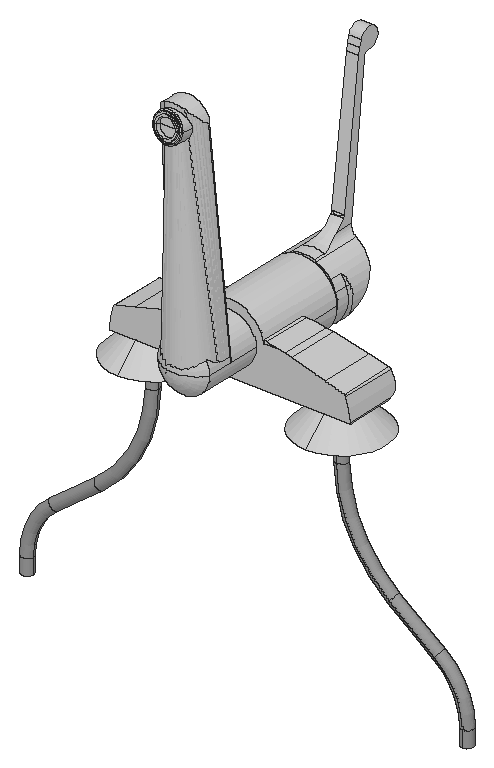
Revit family "Plumbing_Fixture-Grohe-Euroeco_Sequential-32793000-13-METRIC", category Plumbing Fixtures, host Face, Revit 2013
Parameters (values of type "Euroeco Special Single")
  _distributed by = "www.bimstore.co.uk"
  _current revision = 1
  _created date = "January 2014"
  _created by = "Connor Laing"
  _BIMspec_GUID = 0
  Waste Connection = no
  WarrantyStartDate = ""
  WarrantyGuarantorParts = ""
  WarrantyGuarantorLabor = ""
  WarrantyDurationUnit = "Years"  # constant formula
  WarrantyDurationParts = ""
  WarrantyDurationLabor = ""
  WarrantyDuration = ""
  WarrantyDescription = ""
  Warranty Infomation = "N/A"
  WFU = 0
  Vent Connection = no
  Uniclass2 = "Pr_40_30_96"  # constant formula
  URL = "www.grohe.com"
  TypeName = Model  # "Euroeco Special Single"
  Type Comments = "Wash basin mixer wall mounted."
  Test Pressure = "16 bar"
  Temp - Hot Water Supply (Recommended) = "60°C"
  Temp - Hot Water Supply = "max 80°C"
  TagNumber = 0
  SpareParts = "http://www.grohe.co.uk/en_gb/euroeco-single-sequential-single-lever-basin-mixer-1-2-32793000.html"
  Spare Parts List = "http://www.grohe.com/30898/search/search-result/product-details/?product=32793-G284&color=000&material=32793000"
  Size = ""
  Shape = ""
  SerialNumber = 0
  ReplacementCost = ""
  ReferencedStandard = ""
  ProductionYear = ""
  Product Page URL = "http://www.grohe.com/30898/search/search-result/product-details/?product=32793-G284&color=000&material=32793000"
  Percentage of Recycled Content = 0
  Operating Pressure = "max 10 bar"
  Name = Model  # "Euroeco Special Single"
  ModelNumber = ""
  Model = "Euroeco Special Single"
  Mixing Leaver = yes
  Material = Grohe-Chrome
  Masterformat Title [instance] = "Residential Faucets, Supplies, and Trim"
  Masterformat Number [instance] = "22 41 39"
  Manufacturer = "Grohe AG"
  Low Emitting Material = yes
  LEED Credit = ""
  Keynote = "N13"
  InstallationDate = ""
  Industry Standards = "N/A"
  Hot Water Radius = Hot Water Connection Diameter / 2  # 5 mm
  Hot Water Connection Diameter = 10 mm
  HWFU = 4.5
  HW Connection = yes
  Grade = ""
  Flow Rate = "8 L/min"
  Flow Pressure = "min 0.5 bar/recommended 1 - 5 bar"
  Finish = ""
  Extidentifier = ""
  ExpectedLife = 0
  Ecojoy = no
  DurationUnit = "Years"  # constant formula
  DocumentationTechnical = "http://cdn08.grohe.com/lib/1/tpi/1597286.pdf"
  DocumentationMaintenance = "http://cdn08.grohe.com/lib/1/tpi/1597286.pdf"
  DocumentationLiterature = "http://www.grohe.com/30898/search/search-result/product-details/?product=32793-G284&color=000&material=32793000"
  DocumentationInstallationGuide = "http://cdn08.grohe.com/lib/1/tpi/1597286.pdf"
  DocumentationCertificates = "http://www.grohe.com/30898/search/search-result/product-details/?product=32793-G284&color=000&material=32793000"
  Description = "Washing your hands with your hands free – this is the idea behind the wall-mounted Euroeco mixers. Wall-mounted installation keeps the basin free, and in order to reduce the risk of accidents caused by projecting parts, faucet levers and spouts are available in a choice of lengths."
  Default Elevation = 600 mm
  CreatedOn = "March 2015"  # constant formula
  CreatedBy = "info-uk@grohe.com"  # constant formula
  Cost = 0
  Contact Grohe = "GROHE Limited, World Business Centre 2, Newall Road, London Heathrow Airport, Hounslow, Middlesex, TW6 2SF - Tel: +44 (0) 871 200 3414 - Fax: +44 (0) 871 200 3415 - EMail: info-uk@grohe.com"
  Constituents = ""
  Color = ""
  Cold Water Radius = Cold Water Connection Diameter / 2  # 5 mm
  Cold Water Connection Diameter = 10 mm
  ClassificationValue = "L725111"  # constant formula
  ClassificationName = "Uniclass 1.4"  # constant formula
  CWFU = 4.5
  CW Connection = yes
  Barcode = 0
  AssetType = "Fixed"  # constant formula
  AssetIdentifier = ""
  Assembly Code = "C1030220"
  AccessibilityPerformance = ""
  ADA Compliant = yes
Reference planes
  plane 1 "Center (Front/Back)": y = 0
  plane 2: z = 0
  plane 3 "Center (Left/Right)": x = 0
  plane 4: z = 0
  plane 5: z = -190.227
  plane 6 "BTM": y = -60
  plane 7: x = 75
  plane 8: x = -75
Forms (mm)
  Sweep 1, solid, material "Grohe-Pipework"
    path in 3D
      loop
        line (-174.829, 0, -190.227) -> (-174.829, 0, -177.649)
        arc (-174.829, 0, -177.649) -> (-169.051, 0, -153.108) -> (-152.929, 0, -133.724) r 55
        line (-152.929, 0, -133.724) -> (-116.809, 0, -106.506)
        arc (-116.809, 0, -106.506) -> (-86.032, 0, -69.5) -> (-75, 0, -22.649) r 105
        line (-75, 0, -22.649) -> (-75, 0, 0)
    profile origin (-86.032, 0, -69.5) x (-0.894934, 0, 0.446198) y (0, -1, 0)
      loop
        circle (0, 0) r 4.75
  Sweep 2, solid, material "Grohe-Pipework"
    path in 3D
      loop
        line (75, 0, 0) -> (75, 0, -22.649)
        arc (75, 0, -22.649) -> (86.032, 0, -69.5) -> (116.809, 0, -106.506) r 105
        line (116.809, 0, -106.506) -> (152.929, 0, -133.724)
        arc (152.929, 0, -133.724) -> (169.051, 0, -153.108) -> (174.829, 0, -177.649) r 55
        line (174.829, 0, -177.649) -> (174.829, 0, -190.227)
    profile origin (75, 0, -11.324) x (0, -1, 0) y (1, 0, 0)
      loop
        circle (0, 0) r 4.75
  Extrusion 3, solid, material "Grohe-Chrome"
    sketch origin (0, 0, 0) x (1, 0, 0) y (0, 0, 1)
      loop
        circle (0, 46.001) r 27.481
    from -53.941 to 17.118
  Revolve 4, solid, material "Grohe-Chrome" <- "Material"
    sketch origin (0, 0, 0) x (0, 1, 0) y (0, 0, 1)
      loop
        line (-17.118, 25.251) -> (-17.118, 46.001) -> (-74.514, 46.001)
        arc (-74.514, 46.001) -> (-71.108, 34.224) -> (-62.755, 25.251) r 26.429
        line (-62.755, 25.251) -> (-17.118, 25.251)
      axis (-17.118, 46.001) -> (-74.514, 46.001)
    angle from -90 to 270
  Revolve 5, solid, material "Grohe-Chrome"
    sketch origin (0, 0, 0) x (0, 1, 0) y (0, 0, 1)
      loop
        line (-70.916, 209.997) -> (-69.478, 221.709) -> (-77.613, 222.708) -> (-78.521, 215.314) -> (-81.739, 215.71) -> (-81.929, 214.159) -> (-81.123, 214.06) -> (-81.315, 212.497) -> (-81.087, 211.75)
        arc (-81.087, 211.75) -> (-80.768, 211.342) -> (-80.288, 211.148) r 1
        line (-80.288, 211.148) -> (-70.916, 209.997)
      axis (-69.478, 221.709) -> (-80.831, 223.104)
    angle from -90 to 270
  SweptBlend 6, solid, material "Grohe-Chrome" <- "Material"
    path in 3D
      loop
        line (0, -67.8, 238.021) -> (0, -54.277, 44.64)
    profile origin (0, -67.8, 238.021) x (0, 0.997564, 0.069756) y (1, 0, 0)
      loop
        arc (7.338, -16.405) -> (9.568, 0.007) -> (7.334, 16.418) r 61.45
        arc (7.334, 16.418) -> (7.039, 16.843) -> (6.548, 17.006) r 0.82
        arc (6.548, 17.006) -> (-0.797, 14.41) -> (-4.88, 7.775) r 11.69
        arc (-4.88, 7.775) -> (-5.707, 0) -> (-4.88, -7.775) r 36.96
        arc (-4.88, -7.775) -> (-0.797, -14.41) -> (6.548, -17.006) r 11.69
        arc (6.548, -17.006) -> (7.044, -16.839) -> (7.338, -16.405) r 0.82
    end profile origin (0, -54.277, 44.64) x (0, 0.997564, 0.069756) y (1, 0, 0)
      loop
        arc (12.374, -20.217) -> (12.855, -20.056) -> (13.142, -19.639) r 0.8
        arc (13.142, -19.639) -> (15.951, -0.014) -> (13.302, 19.633) r 72.023
        arc (13.302, 19.633) -> (13.016, 20.055) -> (12.533, 20.217) r 0.798
        line (12.533, 20.217) -> (0.445, 20.217)
        arc (0.445, 20.217) -> (-19.772, 0) -> (0.445, -20.217) r 20.217
        line (0.445, -20.217) -> (12.374, -20.217)
  Extrusion 7, void
    sketch origin (0, 0, 0) x (1, 0, 0) y (0, 0, 1)
      loop
        arc (-17.537, 219.859) -> (0, 237.396) -> (17.537, 219.859) r 17.537
        line (17.537, 219.859) -> (28.493, 219.859) -> (28.493, 249.859) -> (-26.507, 249.859) -> (-26.507, 219.859) -> (-17.537, 219.859)
    from 41.235 to 86.616
  Extrusion 8, solid, material "Grohe-Chrome"
    sketch origin (0, 0, 0) x (0, 1, 0) y (0, 0, 1)
      loop
        arc (-11.211, 56.624) -> (-15.297, 54.986) -> (-17.12, 50.98) r 5.915
        line (-17.12, 50.98) -> (-17.12, 18.001) -> (20.412, 18.001)
        arc (20.412, 18.001) -> (22.665, 19.482) -> (25.311, 20.001) r 7
        arc (25.311, 20.001) -> (27.243, 22.02) -> (28.016, 24.705) r 5.836
        arc (28.016, 24.705) -> (26.994, 38.231) -> (23.927, 51.445) r 88.929
        arc (23.927, 51.445) -> (20.405, 55.227) -> (15.429, 56.624) r 9.562
        line (15.429, 56.624) -> (-11.211, 56.624)
    from -104.811 to 103.988
  Extrusion 9, void
    sketch origin (0, 0, 0) x (1, 0, 0) y (0, 0, 1)
      loop
        line (-75.57, 41.373) -> (-49.043, 48.437)
        arc (-49.043, 48.437) -> (-45.624, 49.31) -> (-42.188, 50.112) r 171.071
        arc (-42.188, 50.112) -> (-35.65, 51.45) -> (-29.07, 52.562) r 194.136
        arc (-29.07, 52.562) -> (-27.579, 52.96) -> (-26.212, 53.675) r 7
        line (-26.212, 53.675) -> (26.212, 53.675)
        arc (26.212, 53.675) -> (27.579, 52.96) -> (29.07, 52.562) r 7
        arc (29.07, 52.562) -> (36.168, 51.353) -> (43.217, 49.88) r 194.136
        arc (43.217, 49.88) -> (46.067, 49.203) -> (48.904, 48.475) r 163.546
        line (48.904, 48.475) -> (75.57, 41.373) -> (90.963, 37.273)
        arc (90.963, 37.273) -> (91.819, 36.797) -> (92.346, 35.972) r 2
        arc (92.346, 35.972) -> (94.626, 27.516) -> (95.917, 18.854) r 76.006
        arc (95.917, 18.854) -> (95.633, 18.167) -> (94.906, 18.011) r 0.8
        line (94.906, 18.011) -> (94.906, 8.001) -> (123.396, 8.001) -> (123.396, 70.494) -> (-123.396, 70.494) -> (-123.396, 16.962) -> (-94.906, 16.962) -> (-94.906, 18.011)
        arc (-94.906, 18.011) -> (-95.633, 18.167) -> (-95.917, 18.854) r 0.8
        arc (-95.917, 18.854) -> (-94.626, 27.516) -> (-92.346, 35.972) r 76.006
        arc (-92.346, 35.972) -> (-91.819, 36.797) -> (-90.963, 37.273) r 2
        line (-90.963, 37.273) -> (-75.57, 41.373)
    from -34.267 to 18.1
  Extrusion 10, solid, material "Grohe-Chrome" <- "Material"
    sketch origin (0, 0, 0) x (1, 0, 0) y (0, 0, 1)
      loop
        arc (-10.069, 71.571) -> (0, 18.52) -> (10.069, 71.571) r 27.481
        arc (10.069, 71.571) -> (6.388, 74.512) -> (5, 79.015) r 8
        line (5, 79.015) -> (5, 216.311) -> (-5, 216.311) -> (-5, 79.015)
        arc (-5, 79.015) -> (-6.388, 74.512) -> (-10.069, 71.571) r 8
    from -137.28 to -55.941
  Extrusion 11, void
    sketch origin (0, 0, 0) x (0, 1, 0) y (0, 0, 1)
      loop
        line (109.096, 190.866) -> (98.08, 86.056)
        arc (98.08, 86.056) -> (84.795, 47.431) -> (55.941, 18.52) r 90.917
        line (55.941, 18.52) -> (55.941, 11.607) -> (137.28, 11.607) -> (137.28, 221.25) -> (46.521, 221.25) -> (46.521, 46.607) -> (55.941, 46.607) -> (55.941, 73.724) -> (65.941, 73.724)
        arc (65.941, 73.724) -> (80.083, 77.382) -> (90.678, 87.437) r 29.17
        line (90.678, 87.437) -> (104.875, 194.65)
        arc (104.875, 194.65) -> (105.339, 197.272) -> (106.032, 199.843) r 30.346
        arc (106.032, 199.843) -> (106.747, 202.332) -> (107.322, 204.856) r 46.682
        arc (107.322, 204.856) -> (121.561, 208.106) -> (114.492, 195.325) r 8
        arc (114.492, 195.325) -> (110.883, 194.197) -> (109.096, 190.866) r 5
    from -40.129 to 47.295
  Revolve 12, void
    sketch origin (0, 0, 0) x (0, 1, 0) y (0, 0, 1)
      loop
        line (50.678, 73.724) -> (65.941, 73.724)
        arc (65.941, 73.724) -> (79.225, 76.925) -> (89.594, 85.823) r 29.17
        arc (89.594, 85.823) -> (90.4, 87.416) -> (90.678, 89.179) r 5.734
        line (90.678, 89.179) -> (90.678, 110.705) -> (50.678, 110.705) -> (50.678, 73.724)
      axis (50.678, 46.607) -> (90.678, 46.607)
    angle from -72.912 to 287.088
  Revolve 13, solid, material "Grohe-Chrome" <- "Material"
    sketch origin (0, 0, 0) x (0, 1, 0) y (0, 0, 1)
      loop
        line (54.909, 71.033) -> (53.941, 72.001) -> (53.941, 46.607) -> (55.964, 46.607) -> (55.964, 70.668)
        arc (55.964, 70.668) -> (55.438, 70.856) -> (54.909, 71.033) r 26.3
      axis (55.964, 46.607) -> (53.941, 46.607)
    angle from -90 to 270
  Revolve 14, solid, material "Grohe-Chrome" <- "Material"
    sketch origin (-75, -4572, 0) x (0, 0, -1) y (0, -1, 0)
      loop
        line (-18.001, -4572) -> (0, -4572) -> (0, -4536.879) -> (-18.001, -4554.88) -> (-18.001, -4572)
      axis (-18.001, -4572) -> (0, -4572)
    angle from 0 to 360
  Revolve 15, solid, material "Grohe-Chrome" <- "Material"
    sketch origin (75, -4572, 0) x (0, 0, -1) y (0, -1, 0)
      loop
        line (-18.001, -4572) -> (0, -4572) -> (0, -4536.879) -> (-18.001, -4554.88) -> (-18.001, -4572)
      axis (-18.001, -4572) -> (0, -4572)
    angle from 0 to 360
Cuts and joins
  Extrusion 7 cuts SweptBlend 6
  Extrusion 9 cuts Revolve 4
  Extrusion 9 cuts Extrusion 8
  joined: Extrusion 3, Extrusion 8
  Extrusion 11, Revolve 12 cuts Extrusion 10
Lines and regions (mm)
  Masking region 1
    outline origin (423.063, 0, 0) x (1, 0, 0) y (0, 0, 1)
      loop
        arc (-443.287, 70.598) -> (-445.572, 61.603) -> (-449.534, 53.212) r 48.29
        arc (-449.534, 53.212) -> (-423.064, 17.931) -> (-396.594, 53.212) r 27.57
        arc (-396.594, 53.212) -> (-400.553, 61.595) -> (-402.838, 70.58) r 48.29
        line (-402.838, 70.58) -> (-406.351, 201.987)
        arc (-406.351, 201.987) -> (-423.063, 216.286) -> (-439.775, 201.987) r 16.916
        line (-439.775, 201.987) -> (-443.287, 70.598)
  Masking region 2
    outline origin (422.392, 0, 0) x (1, 0, 0) y (0, 0, 1)
      loop
        arc (-439.104, 201.987) -> (-422.392, 216.286) -> (-405.68, 201.987) r 16.916
        line (-405.68, 201.987) -> (-406.146, 219.436)
        arc (-406.146, 219.436) -> (-422.392, 237.167) -> (-438.637, 219.436) r 16.308
        line (-438.637, 219.436) -> (-439.104, 201.987)
  reference lines
    curve 1: line (-75, 0, 0) -> (-75, 0, -22.649)
    curve 2: line (-116.809, 0, -106.506) -> (-152.929, 0, -133.724)
    curve 3: line (-174.829, 0, -177.649) -> (-174.829, 0, -190.227)
    curve 4: arc (-174.829, 0, -177.649) -> (-169.051, 0, -153.108) -> (-152.929, 0, -133.724) r 55
    curve 5: arc (-116.809, 0, -106.506) -> (-86.032, 0, -69.5) -> (-75, 0, -22.649) r 105
    curve 6: line (75, 0, 0) -> (75, 0, -22.649)
    curve 7: line (116.809, 0, -106.506) -> (152.929, 0, -133.724)
    curve 8: line (174.829, 0, -177.649) -> (174.829, 0, -190.227)
    curve 9: arc (174.829, 0, -177.649) -> (169.051, 0, -153.108) -> (152.929, 0, -133.724) r 55
    curve 10: arc (116.809, 0, -106.506) -> (86.032, 0, -69.5) -> (75, 0, -22.649) r 105
    curve 23: line (0, 114.66, 215.334) -> (0, 108.167, 200.039)
    curve 24: line (0, 108.167, 200.039) -> (0, 93.359, 79.437)
    curve 25: arc (0, 93.359, 79.437) -> (0, 80.908, 55.889) -> (0, 55.941, 46.607) r 37.387
    curve 26: line (0, -67.8, 238.021) -> (0, -54.277, 44.64)
  sketch lines
    curve 11: arc (-116.809, 0, -106.506) -> (-86.032, 0, -69.5) -> (-75, 0, -22.649) r 105
    curve 12: line (-75, 0, 0) -> (-75, 0, -22.649)
    curve 13: arc (-174.829, 0, -177.649) -> (-169.051, 0, -153.108) -> (-152.929, 0, -133.724) r 55
    curve 14: line (-116.809, 0, -106.506) -> (-152.929, 0, -133.724)
    curve 15: line (-174.829, 0, -177.649) -> (-174.829, 0, -190.227)
    curve 16: line (75, 0, 0) -> (75, 0, -22.649)
    curve 17: arc (116.809, 0, -106.506) -> (86.032, 0, -69.5) -> (75, 0, -22.649) r 105
    curve 18: line (116.809, 0, -106.506) -> (152.929, 0, -133.724)
    curve 19: arc (174.829, 0, -177.649) -> (169.051, 0, -153.108) -> (152.929, 0, -133.724) r 55
    curve 20: line (174.829, 0, -177.649) -> (174.829, 0, -190.227)
    curve 27: line (0, -67.8, 238.021) -> (0, -54.277, 44.64)
  symbolic lines, style "PlumbingFixturesHiddenLines"
    curve 21: line (0, 60, 153.7) -> (0, -60, 153.7)
    curve 22: line (-63.338, 0, 153.7) -> (63.338, 0, 153.7)
Dimensions and locks
  locked: level to plane 5 at 190.227
  aligned and locked: plane 2 to host face
  aligned and locked: level to host face
  aligned and locked: Revolve 14 sketch curve to plane 1 "Center (Front/Back)"
Connectors
  piping at (-174.829, 0, -190.227), driven by "Hot Water Radius", driven by "CWFU"
    settings: on Sweep 1, index 1, connector radius 0.19685", flow factor 0, pipe flow 0 GPM, pressure drop 3.00 psi, fitting loss kfactor 0, connector angle 0.00°, fixture units 4.5, engagement length 0 mm, flow configuration 3, flow direction 1, fitting loss method 4, system type 19, joint type 0, gender type 0, connector reference index -1, connector utility 0, adjustable connector no, is connector primary yes, fitting loss table "", connector description "Hot Water In"
  piping at (174.829, 0, -190.227), driven by "Cold Water Radius", driven by "HWFU"
    settings: on Sweep 2, index 2, connector radius 0.19685", flow factor 0, pipe flow 0 GPM, pressure drop 3.00 psi, fitting loss kfactor 0, connector angle 0.00°, fixture units 4.5, engagement length 0 mm, flow configuration 3, flow direction 1, fitting loss method 4, system type 20, joint type 0, gender type 0, connector reference index -1, connector utility 0, adjustable connector no, is connector primary no, fitting loss table "", connector description "Cold Water In"
